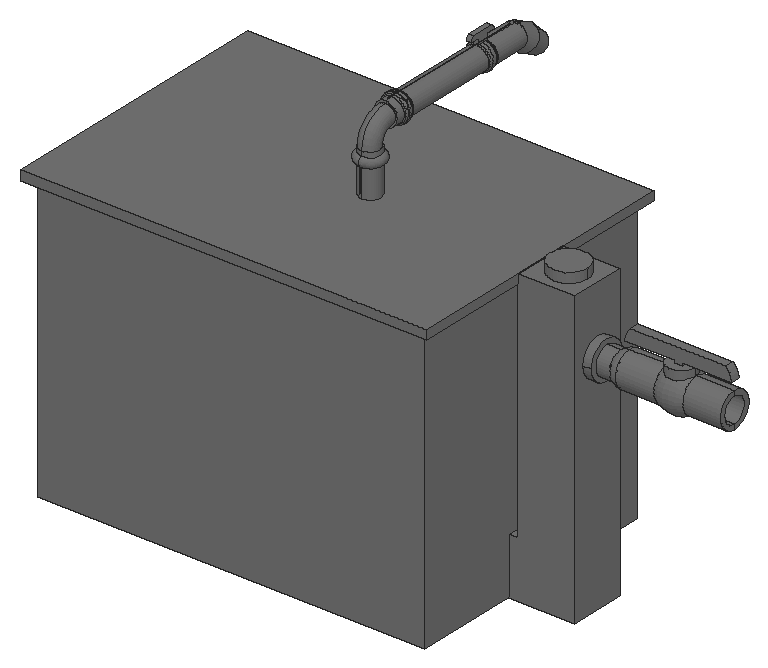
Revit family
Parameters (values of type "8015GT")
  Width = 25"
  Weight (lb) = 0
  Waste Connection = yes
  Warranty = "1 year material and workmanship"  # constant formula
  Vent Connection = no
  URL = "http://jrsmith.com"
  Type Comments = "All interceptors must have flow control."  # constant formula
  Technical and Installation = "http://www.jrsmith.com/products/inter/tech_data_index.htm"
  SmartBIM Object Version = 3  # constant formula
  SmartBIM Object Created By = "Reed Construction Data"  # constant formula
  Product URL = "http://www.jrsmith.com/products/inter/submittal/d8000gt.pdf"
  OmniClass Title = "Fats, Oils, and Grease Disposal Systems"  # constant formula
  OmniClass Code = "22-22 13 19 13"  # constant formula
  Note = "Interceptor must have flow control."  # constant formula
  Model = "8015GT"
  Max. Static Load = ""
  Material Finish = Duco coated
  Material = Paint Dark Gray
  Manufacturer's URL = "http://JRSmith.com"
  Manufacturer = "Jay R. Smith Mfg. Co. "  # constant formula
  Keynote = ""
  Height = 15 1/2"
  Line Shut-off Valve = 6 3/4"
  HW Connection = yes
  Grease Cap = "30 Lbs"
  GPM Flow Rate = "15"
  Free Area(Sq In) = ""
  Flow Rate = ""
  Floor Offset = 0"  # constant formula
  Description = "Grease Interceptor"  # constant formula
  Depth = 14"
  Default Elevation = 48"
  Cost = 0
  Clean Out Radius = Clean Out Diameter / 2  # 1"
  Clean Out Diameter = 2"
  Clean Out Depth = 3"
  Clean Out Width = 4"
  Capacity = ""
  CW Connection = yes
  Assembly Code = "D2030400"
  Outlet Radius = Outlet Diameter / 2  # 1"
  Outlet Diameter = 2"
  Inlet Radius = Inlet Diameter / 2  # 1"
  Inlet Diameter = 2"
  Inlet And Outlet Height = 12"
  Action = ""
  95 CSI = "15155"  # constant formula
  04 CSI = "22 13 29"  # constant formula
Types (12): name | Width | Technical and Installation | Product URL | Model | Height | Line Shut-off Valve | Grease Cap | GPM Flow Rate | Depth | Clean Out Radius | Clean Out Diameter | Clean Out Width | Outlet Radius | Outlet Diameter | Inlet Radius | Inlet Diameter | Inlet And Outlet Height
  (no name) | 25" | "http://www.jrsmith.com/products/inter/tech_data_index.htm" | "http://www.jrsmith.com/products/inter/submittal/d8000gt.pdf" | "8015GT" | 15 1/2" | 6 3/4" | "30 Lbs" | "15" | 14" | 1" | 2" | 4" | 1" | 2" | 1" | 2" | 12"
  8007GT | 19" | "http://www.jrsmith.com/products/inter/tech_data_index.htm\r\n" | "http://www.jrsmith.com/products/inter/submittal/d8000gt.pdf\r\n" | "8007GT" | 12" | 6 3/4" | "14 Lbs" | "7" | 10 3/4" | 1" | 2" | 2" | 1" | 2" | 1" | 2" | 8 1/2"
  8010GT | 21 1/4" | "http://www.jrsmith.com/products/inter/tech_data_index.htm" | "http://www.jrsmith.com/products/inter/submittal/d8000gt.pdf" | "8010GT" | 13" | 6 3/4" | "20 Lbs" | "10" | 13 1/4" | 1" | 2" | 4" | 1" | 2" | 1" | 2" | 9 1/2"
  8015GT | 25" | "http://www.jrsmith.com/products/inter/tech_data_index.htm" | "http://www.jrsmith.com/products/inter/submittal/d8000gt.pdf" | "8015GT" | 15 1/2" | 6 3/4" | "30 Lbs" | "15" | 14" | 1" | 2" | 4" | 1" | 2" | 1" | 2" | 12"
  8020GT | 28 1/2" | "http://www.jrsmith.com/products/inter/tech_data_index.htm" | "http://www.jrsmith.com/products/inter/submittal/d8000gt.pdf" | "8020GT" | 17" | 10" | "40 Lbs" | "20" | 15 3/4" | 1" | 2" | 4" | 1 1/2" | 3" | 1 1/2" | 3" | 13"
  8025GT | 30" | "http://www.jrsmith.com/products/inter/tech_data_index.htm" | "http://www.jrsmith.com/products/inter/submittal/d8000gt.pdf" | "8025GT" | 19 3/4" | 10" | "50 Lbs" | "25" | 16 3/4" | 1" | 2" | 4" | 1 1/2" | 3" | 1 1/2" | 3" | 15 1/4"
  8035GT | 32 1/2" | "http://www.jrsmith.com/products/inter/tech_data_index.htm" | "http://www.jrsmith.com/products/inter/submittal/d8000gt.pdf" | "8035GT" | 21" | 10" | "70 Lbs" | "35" | 18 1/4" | 1" | 2" | 4" | 1 1/2" | 3" | 1 1/2" | 3" | 16"
  8050GT | 35 1/2" | "http://www.jrsmith.com/products/inter/tech_data_index.htm" | "http://www.jrsmith.com/products/inter/submittal/d8000gt.pdf" | "8050GT" | 24 1/4" | 10" | "100 Lbs" | "50" | 20 3/4" | 1" | 2" | 4" | 1 1/2" | 3" | 1 1/2" | 3" | 17 1/2"
  8075GT | 50" | "http://www.jrsmith.com/products/inter/tech_data_index.htm" | "http://www.jrsmith.com/products/inter/submittal/d8000gt.pdf" | "8075GT" | 37" | 12 3/4" | "150 Lbs" | "75" | 30 1/2" | 1 1/2" | 3" | 4" | 4" | 8" | 4" | 8" | 21 1/2"
  8120GT-Low Type | 38 1/2" | "http://www.jrsmith.com/products/inter/tech_data_index.htm" | "http://www.jrsmith.com/products/inter/submittal/d8000gt.pdf" | "8120GT" | 10 1/2" | 10" | "40 Lbs" | "20" | 21 3/4" | 1" | 2" | 4" | 1 1/2" | 3" | 1 1/2" | 3" | 7"
  8135GT-Low Type | 49 1/2" | "http://www.jrsmith.com/products/inter/tech_data_index.htm" | "http://www.jrsmith.com/products/inter/submittal/d8000gt.pdf" | "8135GT" | 11 3/4" | 10" | "70 Lbs" | "35" | 27 3/4" | 1" | 2" | 4" | 1 1/2" | 3" | 1 1/2" | 3" | 7"
  8150GT-Low Type | 49 1/2" | "http://www.jrsmith.com/products/inter/tech_data_index.htm" | "http://www.jrsmith.com/products/inter/submittal/d8000gt.pdf" | "8150GT" | 16" | 10" | "100 Lbs" | "50" | 27 3/4" | 1" | 2" | 4" | 1 1/2" | 3" | 1 1/2" | 3" | 10"
Reference planes (in)
  plane 1 "Center (Front/Back)": y = -1.36143
  plane 2: z = 0
  plane 3 "Center (Left/Right)": x = -2.92242
  plane 4: x = -15.42242
  plane 5: x = 9.57758
  plane 6: y = 5.63857
  plane 7: y = -8.36143
  plane 8: x = 5.57758
  plane 9: x = -14.92242
  plane 10: x = 8.22064
  plane 11: x = 7.57758
  plane 12: y = 7.01357
  plane 13: x = 16.32758
  plane 14: x = 13.54198
  plane 15: z = 0
Dimensions and locks (in)
  equal spacing: plane 4, plane 3 "Center (Left/Right)", plane 5
  "Width": plane 4 to plane 5
  "Clean Out Width": plane 8 to plane 5
  equal spacing: plane 6, plane 1 "Center (Front/Back)", plane 7
  "Depth": plane 6 to plane 7
  plane 14 to plane 5 = 3.96441"
  locked: plane 11 to plane 5 at 2
  locked: plane 4 to plane 9 at 0.5
  "Line Shut-off Valve": plane 5 to plane 13
  locked: plane 14 to plane 13 at 2.78559
  "Floor Offset": plane 15 to level
  aligned and locked: plane 1 "Center (Front/Back)" to nested 1
  aligned and locked: plane 3 "Center (Left/Right)" to nested 1
  aligned and locked: plane 15 to nested 1
Nested families (in)
  nested 1: "8000-GT" at (0.85694, 0, -15.5), type "8007GT"
Connectors (in)
  piping at (16.32758, -1.36143, -3.5), driven by "Outlet Radius"
    settings: on nested 1, index 3
  piping at (7.57758, -1.36143, 0.5), driven by "Clean Out Radius"
    settings: on nested 1, index 5
  hvac at (-15.42242, -1.36143, -3.5), driven by "Inlet Radius"
    settings: on nested 1, index 6
Definition of nested family "8000-GT"
  Parameters (values of type "8007GT")
    Width = 25"
    Weight (lb) = 0
    Waste Connection = yes
    Warranty = "1 year material and workmanship"  # constant formula
    Vent Connection = no
    URL = "http://jrsmith.com"
    Type Comments = "All interceptors must have flow control."  # constant formula
    Technical and Installation = "http://www.jrsmith.com/products/inter/tech_data_index.htm"
    SmartBIM Object Version = 3  # constant formula
    SmartBIM Object Created By = "Reed Construction Data"  # constant formula
    Product URL = "http://www.jrsmith.com/products/inter/submittal/d8000gt.pdf"
    OmniClass Title = "Fats, Oils, and Grease Disposal Systems"  # constant formula
    OmniClass Code = "22-22 13 19 13"  # constant formula
    Model = "8015GT"
    Max. Static Load = ""
    Material Finish = Duco coated
    Material = Paint Dark Gray
    Manufacturer's URL = "http://JRSmith.com"
    Manufacturer = "Jay R. Smith Mfg. Co. "  # constant formula
    Keynote = ""
    Height = 15 1/2"
    Line Shut-off Valve = 6 3/4"
    HW Connection = yes
    Grease Cap = "30 Lbs"
    GPM Flow Rate = "15"
    Free Area(Sq In) = ""
    Flow Rate = ""
    Description = "Grease Interceptor"  # constant formula
    Depth = 14"
    Default Elevation = 48"
    Cost = 0
    Clean Out Radius = Clean Out Diameter / 2  # 1"
    Clean Out Diameter = 2"
    Clean Out Depth = 3"
    Clean Out Width = 4"
    Capacity = ""
    CW Connection = yes
    Assembly Code = "D2030400"
    Air Outlet Radius = Air Outlet Diameter / 2  # 1"
    Air Outlet Diameter = 2"
    Air Inlet Radius = Air Inlet Diameter / 2  # 1"
    Air Inlet Diameter = 2"
    Air Inlet And Air Outlet Height = 12"
    Action = ""
    95 CSI = "15155"  # constant formula
    04 CSI = "22 13 29"  # constant formula
  Reference planes (in)
    plane 1 "Center (Front/Back)": y = -1.36143
    plane 2: z = 0
    plane 3 "Center (Left/Right)": x = -3.77936
    plane 4: x = -16.27936
    plane 5: x = 8.72064
    plane 6: z = 15.5
    plane 7: y = 5.63857
    plane 8: y = -8.36143
    plane 9: z = 15
    plane 10: x = 4.72064
    plane 11: x = -15.77936
    plane 12: z = 0.25
    plane 13: z = 12
    plane 14: x = 8.22064
    plane 15: x = 6.72064
    plane 16: z = 16
    plane 17: y = 7.01357
    plane 18: x = 15.47064
    plane 19: x = 12.68505
    plane 20: z = 13.27739
  Forms (in)
    Sweep 1, solid, material "Paint Dark Gray" <- "Material"
      path origin (0, 0, 0) x (1, 0, 0) y (0, 1, 0)
        loop
          line (-15.77936, -8.36143) -> (4.72064, -8.36143) -> (4.72064, 5.63857) -> (-15.77936, 5.63857) -> (-15.77936, -8.36143)
      profile origin (-15.77936, -1.36143, 0) x (-1, 0, 0) y (0, 0, 1)
        loop
          line (0.5, 15) -> (0.5, 15.5) -> (0.25, 15.5) -> (-0.25, 15.5) -> (-0.25, 0) -> (0, 0) -> (0, 15) -> (0.5, 15)
    Extrusion 2, solid, material "Paint Dark Gray" <- "Material"
      sketch origin (0, -1.36143, 0) x (1, 0, 0) y (0, 0, 1)
        loop
          line (5.22064, 15.5) -> (5.22064, 3) -> (4.72064, 3) -> (4.72064, 0) -> (8.22064, 0) -> (8.22064, 15.5) -> (5.22064, 15.5)
      from -1.5 to 1.5
    Extrusion 3, solid
      sketch origin (0, 0, 0) x (1, 0, 0) y (0, 1, 0)
        loop
          line (-15.52936, 5.38857) -> (-15.52936, -8.11143) -> (4.47064, -8.11143) -> (4.47064, 5.38857) -> (-15.52936, 5.38857)
      from 0 to 0.25
    Extrusion 4, solid, material "Paint Dark Gray" <- "Material"
      sketch origin (-3.77936, 0, 0) x (0, 1, 0) y (0, 0, 1)
        loop
          circle (-1.36143, 12) r 1
      from 12 to 12.5
    Extrusion 5, solid, material "Paint Dark Gray" <- "Material"
      sketch origin (-3.77936, 0, 0) x (0, 1, 0) y (0, 0, 1)
        loop
          circle (-1.36143, 12) r 1
      from -12.5 to -12
    Extrusion 6, solid, material "Paint Dark Gray" <- "Material"
      sketch origin (0, 0, 0) x (1, 0, 0) y (0, 1, 0)
        loop
          circle (6.72064, -1.36143) r 1
      from 15.5 to 16
    Extrusion 7, solid, material "Paint Dark Gray" <- "Material"
      sketch origin (0, 0, 0) x (1, 0, 0) y (0, 1, 0)
        loop
          line (-15.52936, -8.11143) -> (4.47064, -8.11143) -> (4.47064, 5.38857) -> (-15.52936, 5.38857) -> (-15.52936, -8.11143)
      from 15 to 15.5
    Revolve 8, solid, material "Paint Dark Gray" <- "Material"
      sketch origin (0, -1.36143, 0) x (1, 0, 0) y (0, 0, 1)
        loop
          line (8.72064, 12.75) -> (8.72064, 12.5) -> (9.55433, 12.5)
          arc (9.55433, 12.5) -> (9.74128, 12.61495) -> (9.95347, 12.67101) r 0.75184
          line (9.95347, 12.67101) -> (12.01709, 12.67101)
          arc (12.01709, 12.67101) -> (12.70556, 12.84804) -> (13.39403, 12.67101) r 1.42724
          line (13.39403, 12.67101) -> (15.47064, 12.67101) -> (15.47064, 12.92101) -> (13.45556, 12.92101)
          arc (13.45556, 12.92101) -> (12.70556, 13.09804) -> (11.95556, 12.92101) r 1.67724
          line (11.95556, 12.92101) -> (9.94048, 12.92101)
          arc (9.94048, 12.92101) -> (9.69472, 12.86529) -> (9.47064, 12.75) r 1.00184
          line (9.47064, 12.75) -> (8.72064, 12.75)
        axis (8.72064, 12) -> (15.47064, 12)
      angle from 0 to 360
    Extrusion 9, solid, material "Paint Dark Gray" <- "Material"
      sketch origin (0, 0, 0) x (1, 0, 0) y (0, 1, 0)
        loop
          circle (12.68505, -1.36143) r 0.75
      from 12 to 13.27739
    Extrusion 10, solid, material "Paint Dark Gray" <- "Material"
      sketch origin (0, -1.36143, 0) x (1, 0, 0) y (0, 0, 1)
        loop
          line (12.48446, 13.27739) -> (12.88563, 13.27739) -> (12.88563, 13.4129) -> (15.51613, 13.4129)
          arc (15.51613, 13.4129) -> (15.40476, 13.77473) -> (15.19916, 14.09263) r 1.37844
          line (15.19916, 14.09263) -> (10.17093, 14.09263)
          arc (10.17093, 14.09263) -> (9.96533, 13.77473) -> (9.85397, 13.4129) r 1.37844
          line (9.85397, 13.4129) -> (12.48446, 13.4129) -> (12.48446, 13.27739)
      from -0.24004 to 0.21239
  Cuts and joins
    joined: Sweep 1, Extrusion 7
    joined: Extrusion 4, Revolve 8, Extrusion 9, Extrusion 10
  Dimensions and locks (in)
    equal spacing: plane 4, plane 3 "Center (Left/Right)", plane 5
    "Width": plane 4 to plane 5
    "Height": plane 6 to level
    "Clean Out Width": plane 10 to plane 5
    locked: Extrusion 2 sketch curve to Extrusion 2 sketch curve at 0.5
    equal spacing: plane 7, plane 1 "Center (Front/Back)", plane 8
    "Depth": plane 7 to plane 8
    equal spacing: Extrusion 2, plane 1 "Center (Front/Back)", Extrusion 2
    "Clean Out Depth": Extrusion 2 to Extrusion 2
    locked: plane 12 to level at 0.25
    "Air Inlet And Air Outlet Height": plane 13 to level
    locked: plane 5 to plane 14 at 0.5
    locked: plane 15 to plane 5 at 2
    locked: plane 4 to plane 11 at 0.5
    locked: plane 6 to plane 9 at 0.5
    locked: plane 16 to plane 6 at 0.5
    "Line Shut-off Valve": plane 5 to plane 18
    locked: plane 19 to plane 18 at 2.78559
    Extrusion 10 to plane 1 "Center (Front/Back)" to Extrusion 10 = 0.21239", 0.24004"
    Extrusion 10 sketch curve to plane 19 to Extrusion 10 sketch curve = 2.83108" locked, 2.83108" locked
    Extrusion 10 sketch curve to plane 19 to Extrusion 10 sketch curve = 2.51412" locked, 2.51412" locked
    locked: plane 20 to plane 13 at 1.27739
    "Air Outlet Radius": radius of Extrusion 4 sketch curve
    "Air Inlet Radius": radius of Extrusion 5 sketch curve
    "Clean Out Radius": radius of Extrusion 6 sketch curve
    radius of Extrusion 4 sketch curve = 1"  (x2)
    aligned and locked: plane 4 to Sweep 1 sketch curve
    aligned and locked: plane 9 to Sweep 1 sketch curve
    aligned and locked: plane 11 to Sweep 1 sketch curve
    aligned and locked: level to Sweep 1 sketch curve
    aligned and locked: plane 6 to Sweep 1 sketch curve  (x2)
    aligned and locked: Sweep 1 sketch curve to plane 10
    aligned and locked: Sweep 1 sketch curve to plane 7
    aligned and locked: plane 8 to Sweep 1 sketch curve
    aligned and locked: Extrusion 2 sketch curve to plane 6
    aligned and locked: Extrusion 2 sketch curve to level
    aligned and locked: Extrusion 2 sketch curve to Sweep 1
    aligned and locked: Extrusion 2 sketch curve to plane 10
    aligned and locked: Extrusion 3 sketch curve to Sweep 1  (x4)
    aligned and locked: level to Extrusion 3
    aligned and locked: plane 12 to Extrusion 3
    aligned and locked: plane 1 "Center (Front/Back)" to Extrusion 4 sketch curve
    aligned and locked: plane 13 to Extrusion 4 sketch curve
    aligned and locked: plane 14 to Extrusion 2 sketch curve
    aligned and locked: Extrusion 4 to plane 14
    aligned and locked: Extrusion 4 to plane 5
    aligned and locked: plane 13 to Extrusion 5 sketch curve
    aligned and locked: plane 1 "Center (Front/Back)" to Extrusion 5 sketch curve
    aligned and locked: plane 4 to Extrusion 5
    aligned and locked: Extrusion 5 to plane 11
    aligned and locked: plane 1 "Center (Front/Back)" to Extrusion 6 sketch curve
    aligned and locked: plane 15 to Extrusion 6 sketch curve
    aligned and locked: Extrusion 6 to plane 6
    aligned and locked: plane 16 to Extrusion 6
    aligned and locked: Extrusion 7 sketch curve to Sweep 1  (x4)
    aligned and locked: Extrusion 7 to plane 9
    aligned and locked: plane 6 to Extrusion 7
    aligned and locked: Revolve 8 sketch curve to plane 18
    aligned and locked: Revolve 8 sketch curve to plane 5
    aligned and locked: plane 1 "Center (Front/Back)" to Extrusion 9 sketch curve
    aligned and locked: plane 19 to Extrusion 9 sketch curve
    aligned and locked: Extrusion 9 to plane 13
    aligned and locked: plane 20 to cut or joined group of Extrusion 4, Revolve 8, Extrusion 9, Extrusion 10
    aligned and locked: nested 1 to plane 6
    aligned and locked: plane 3 "Center (Left/Right)" to nested 1
    aligned and locked: plane 1 "Center (Front/Back)" to nested 1
  Automatic sketch dimensions
    Sweep 1 sketch curve to plane 11 = 0"
    level to Extrusion 2 sketch curve = 3"
    Sweep 1 sketch curve to level = 0"
    profile plane to Sweep 1 sketch curve = 1/4"
    Sweep 1 sketch curve to Sweep 1 sketch curve = 1/4"
    Sweep 1 sketch curve to Sweep 1 sketch curve = 0"
    Revolve 8 sketch curve to Revolve 8 sketch curve = 0"  (x4)
    Revolve 8 sketch curve to plane 5 = 0"
    Revolve 8 sketch curve to plane 13 = 0"
    Revolve 8 sketch curve to plane 5 = 3/4"
    Revolve 8 sketch curve to Revolve 8 sketch curve = 0.08369"
    Revolve 8 sketch curve to Revolve 8 sketch curve = 0.46985"
    Revolve 8 sketch curve to Revolve 8 sketch curve = 0.01299"
    Revolve 8 sketch curve to plane 13 = 0.07613"
    Revolve 8 sketch curve to Revolve 8 sketch curve = 0.0839"
    Revolve 8 sketch curve to Revolve 8 sketch curve = 2.01508"
    Revolve 8 sketch curve to Revolve 8 sketch curve = 0.06153"  (x2)
    Revolve 8 sketch curve to plane 18 = 3/4"
    Revolve 8 sketch curve to plane 13 = 0.5792"
    plane 13 to Revolve 8 sketch curve = 1/2"
    plane 13 to Revolve 8 sketch curve = 0.67101"
    Revolve 8 sketch curve to Revolve 8 sketch curve = 1/4"
    Revolve 8 sketch curve to Revolve 8 sketch curve = 0.68847"
    Extrusion 10 sketch curve to plane 19 = 0.20058"
    plane 19 to Extrusion 10 sketch curve = 0.20058"
    Extrusion 10 sketch curve to Extrusion 10 sketch curve = 1.26984"
    plane 13 to Extrusion 10 sketch curve = 1.19218"  (x2)
    Extrusion 10 sketch curve to Extrusion 10 sketch curve = 0.08521"
    Extrusion 10 sketch curve to Extrusion 10 sketch curve = 0.13551"  (x2)
    radius of Extrusion 9 sketch curve = 3/4"
  Nested families (in)
    nested 1: "Family1" at (-3.77936, 3.87058, 15.5) x (0, 1, 0) z (0, 0, 1), type "Family1"
  Definition of nested family "Family1"
    Parameters
      Pipe = none
    Reference planes (in)
      plane 1 "Center (Front/Back)": y = 0
      plane 2: z = 0
      plane 3 "Center (Left/Right)": x = 0
      plane 4: x = -5.23201
    Forms (in)
      Revolve 1, solid, material <- "Pipe"
        sketch origin (2.5876, -0.00226, -33.93332) x (1, 0, 0) y (0, 0, 1)
          loop
            line (1.76221, 37.87041) -> (-0.19717, 37.87041)
            arc (-0.19717, 37.87041) -> (-0.21074, 37.87928) -> (-0.22457, 37.88775) r 0.5476
            arc (-0.22457, 37.88775) -> (-0.24406, 37.89876) -> (-0.26399, 37.90897) r 0.5476
            arc (-0.26399, 37.90897) -> (-0.31744, 37.93156) -> (-0.37298, 37.94836) r 0.5476
            arc (-0.37298, 37.94836) -> (-0.47771, 37.96356) -> (-0.58341, 37.95832) r 0.5476
            arc (-0.58341, 37.95832) -> (-0.6591, 37.94162) -> (-0.73168, 37.91441) r 0.5476
            arc (-0.73168, 37.91441) -> (-0.77175, 37.89402) -> (-0.81002, 37.87041) r 0.5476
            line (-0.81002, 37.87041) -> (-5.78158, 37.87041)
            arc (-5.78158, 37.87041) -> (-5.8068, 37.89421) -> (-5.83385, 37.9159) r 0.42834
            arc (-5.83385, 37.9159) -> (-5.86688, 37.93796) -> (-5.90181, 37.95686) r 0.42834
            arc (-5.90181, 37.95686) -> (-5.94167, 37.97368) -> (-5.98303, 37.98638) r 0.42834
            arc (-5.98303, 37.98638) -> (-6.05656, 37.99829) -> (-6.13104, 37.99728) r 0.42834
            arc (-6.13104, 37.99728) -> (-6.16183, 37.99304) -> (-6.19223, 37.98658) r 0.42834
            arc (-6.19223, 37.98658) -> (-6.25252, 37.9666) -> (-6.30918, 37.93793) r 0.42834
            arc (-6.30918, 37.93793) -> (-6.35396, 37.90689) -> (-6.39443, 37.87041) r 0.42834
            line (-6.39443, 37.87041) -> (-6.80418, 37.87041) -> (-6.80418, 37.74541) -> (1.76221, 37.74541) -> (1.76221, 37.87041)
          axis (-6.80418, 37.24456) -> (1.76221, 37.24456)
        angle from 0 to 360
      Revolve 2, solid, material <- "Pipe"
        sketch origin (2.7126, -0.00226, -33.88645) x (1, 0, 0) y (0, 0, 1)
          loop
            line (2.69362, 37.32255) -> (1.72005, 37.82091) -> (1.5947, 37.82091) -> (1.5947, 37.74465) -> (2.61915, 37.22025) -> (3.31234, 36.52705) -> (3.40073, 36.61544) -> (2.69362, 37.32255)
          axis (3.08554, 36.19241) -> (1.34666, 37.48799)
        angle from 0 to 360
      Revolve 3, solid, material <- "Pipe"
        sketch origin (1.9626, -0.00226, -34.43332) x (1, 0, 0) y (0, 0, 1)
          loop
            line (-7.74841, 36.68332) -> (-7.74841, 36.43332)
            arc (-7.74841, 36.43332) -> (-7.95199, 36.18332) -> (-7.74841, 35.93332) r 0.25529
            line (-7.74841, 35.93332) -> (-7.74841, 34.43332) -> (-7.62341, 34.43332) -> (-7.62341, 36.68332) -> (-7.74841, 36.68332)
          axis (-7.19461, 36.68332) -> (-7.19461, 34.43332)
        angle from 0 to 360
      Sweep 4, solid, material <- "Pipe"
        path origin (2.5876, -0.00226, -34.43332) x (1, 0, 0) y (0, 0, 1)
          loop
            arc (-6.80418, 37.74541) -> (-7.55519, 37.43433) -> (-7.86627, 36.68332) r 1.06209
        profile origin (-4.96759, -0.00226, 3.00101) x (0.707107, 0, -0.707107) y (0, -1, 0)
          loop
            circle (0, 0) r 0.5
      Extrusion 5, solid, material <- "Pipe"
        sketch origin (0, 0, 0) x (1, 0, 0) y (0, 0, 1)
          loop
            line (1.31792, 4.30118) -> (1.81792, 4.30118) -> (1.81792, 3.95331)
            arc (1.81792, 3.95331) -> (2.06792, 4.02464) -> (2.31792, 3.95331) r 0.47377
            line (2.31792, 3.95331) -> (2.31792, 4.30118) -> (2.81792, 4.30118)
            arc (2.81792, 4.30118) -> (2.76244, 4.44155) -> (2.67282, 4.56298) r 0.58348
            line (2.67282, 4.56298) -> (1.46303, 4.56298)
            arc (1.46303, 4.56298) -> (1.3734, 4.44155) -> (1.31792, 4.30118) r 0.58348
        from -0.15056 to 0.10126
    Cuts and joins
      joined: Revolve 1, Sweep 4
